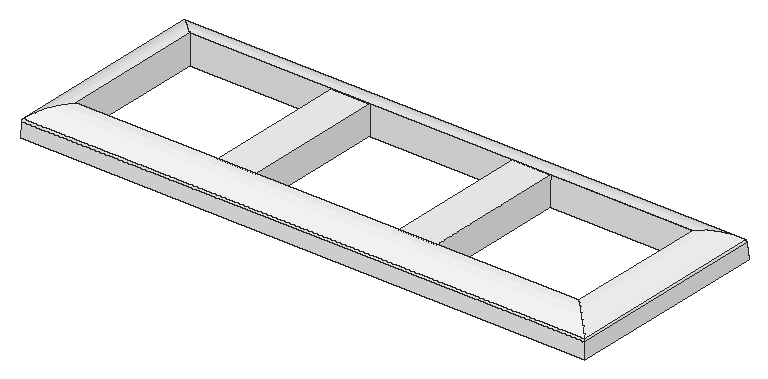
Revit family "Gira_021301", category Electrical Fixtures, host Face, Revit 2017
Family settings
  Host = Face
  Maintain Annotation Orientation = No
  Round Connector Dimension = Use Diameter
  Part Type = Normal
  Cut with Voids When Loaded = No
  Shared = No
  Room Calculation Point = No
Parameters (values of type "Abdeckrahmen 3f Standard 55 Cremeweiß")
  Werkstoffgüte = "Thermoplast"
  Werkstoff = "Kunststoff"
  URL = "http://katalog.gira.de/de_DE/datenblatt.html?artikelnr=021301"
  Transparent = "No"
  Textfeld/Beschriftungsfläche = "No"
  Schutzart (IP) = "IP20"
  Region = "DE"
  RAL-Nummer (ähnlich) = "1013 "
  Oberfläche = "sonstige"
  Name = "Abdeckrahmen 3f Standard 55 Cremeweiß"
  Montagerichtung = "horizontal und vertikal"
  Mit Montagerahmen = "No"
  Mit Klappdeckel = "No"
  Manufacturer URL = "https://www.gira.de/"
  Keynote = "Std55_Rahmen_3fach"
  HeinzeBIM = "https://bimportal.heinze.de/bim/abdeckrahmen-3f-standard-55-cremeweiss/110df6c213d01c59b862cafc73d66d3e5266e007"
  Halogenfrei = "Yes"
  HAN = "021301"
  Geeignet für Unterputz-Installation = "Yes"
  Geeignet für Unterflurkanaldose = "No"
  Geeignet für Geräteeinbaukanal = "No"
  Geeignet für Einbauinstallation = "No"
  GTIN = "4010337213017"
  Farbe = "cremeweiß (elektroweiß)"
  Default Elevation = 1219.2 mm
  Data sheet (1) = "https://katalog.gira.de/de_DE/download.html?artikelnr=021301"
  Category = "Abdeckrahmen"
  Befestigungsart = "Klemmbefestigung"
  Available = "Yes"
  Ausführung der Oberfläche = "glänzend"
  Anzahl der Einheiten vertikal = "3 "
  Anzahl der Einheiten horizontal = "3 "
  Anzahl der Einheiten = "3 "
Reference planes
  plane 1 "Center (Front/Back)": y = 0
  plane 2: z = 0
  plane 3 "Center (Left/Right)": x = 0
  plane 4: x = -40.3
  plane 5: x = 40.3
  plane 6: y = -111.5
  plane 7: y = 111.5
  plane 8: y = 35.7
  plane 9: y = -35.7
Forms (mm)
  Sweep 1, solid, material "White", detail levels fine
    path origin (0, 0, 0) x (0, -1, 0) y (1, 0, 0)
      loop
        line (40.3, 111.5) -> (-40.3, 111.5) -> (-40.3, -111.5) -> (40.3, -111.5) -> (40.3, 111.5)
    profile origin (111.5, 0, 0) x (-1, 0, 0) y (0, 0, 1)
      loop
        arc (12.22, 11.373) -> (5.983, 10.294) -> (0.641, 6.901) r 16.145
        arc (0.641, 6.901) -> (0.395, 6.426) -> (0.309, 5.898) r 1.694
        line (0.309, 5.898) -> (0, 0) -> (12.319, 0) -> (12.22, 11.373)
  Extrusion 2, solid, material "White", detail levels fine
    sketch origin (-35.7, 0, 0) x (1, 0, 0) y (0, 0, 1)
      loop
        line (7.4, 0) -> (7.4, 11.373) -> (-7.4, 11.373) -> (-7.4, 0) -> (7.4, 0)
    from -28.08 to 28.08
  Extrusion 3, solid, material "White", detail levels fine
    sketch origin (35.7, 0, 0) x (1, 0, 0) y (0, 0, 1)
      loop
        line (7.4, 0) -> (7.4, 11.373) -> (-7.4, 11.373) -> (-7.4, 0) -> (7.4, 0)
    from -28.08 to 28.08
  Extrusion 4, solid, material "White", detail levels coarse+medium
    sketch origin (0, 0, 0) x (0, -1, 0) y (1, 0, 0)
      loop
        line (40.3, 111.5) -> (-40.3, 111.5) -> (-40.3, -111.5) -> (40.3, -111.5) -> (40.3, 111.5)
    from 0 to 11.373
Dimensions and locks
  aligned and locked: plane 2 to host face
  aligned and locked: level to host face
